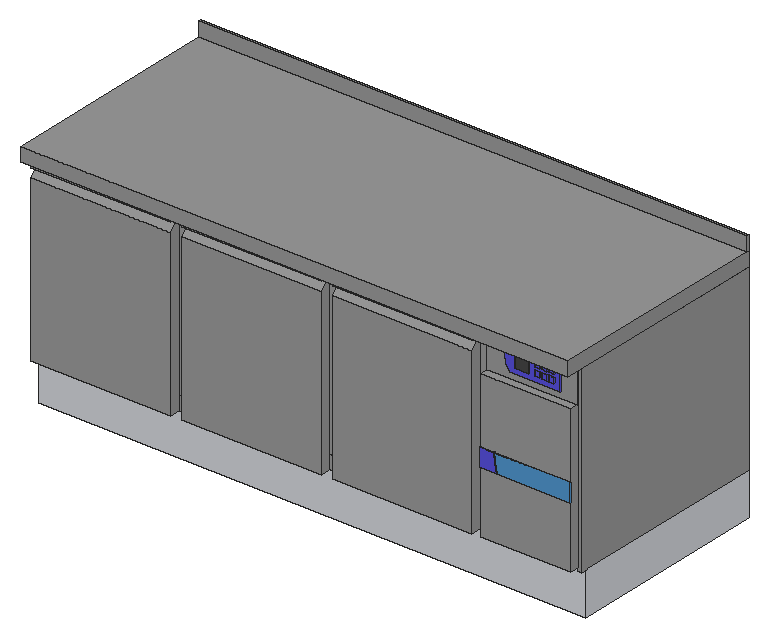
Revit family "Backwaren-Kühltische400x600 - Eigen", category Sonderausstattung, Revit 2015
Parameters (values of type "650x1945 3-türig")
  Öffnungstiefe = Korpus Tiefe - Rückwand Stärke - 100 mm  # 570 mm
  Öffnungssymbol Grundriss [instance] = yes
  Watt = 460 W
  Wand unten Stärke = 50 mm  # constant formula
  Wand oben Stärke = 50 mm  # constant formula
  Versatz bei Sockel oder Füße [instance] = if(or(Sockel, Füße), 150 mm, 0 mm)  # 150 mm
  Versatz Tür zu Seitenteil = 30 mm
  Türen Stärke = 50 mm  # constant formula
  Türen Lücke = 40 mm
  Türen Höhe = Korpus Höhe - 20 mm  # 630 mm
  Türen Breite = 495 mm
  Türen Anzahl = 3
  Türen Breite halb = Türen Breite / 2  # 247.5 mm
  Tür_3 = yes
  Tür_2 = yes
  Tür_1 = yes
  Tiefe [instance] = if(Deckplatte, Platte Tiefe, Korpus Tiefe + Türen Stärke)  # 800 mm
  Temp. Bereich = "-2°C / +10°C"
  Spannung = 230 V
  Sockelhöhe = 150 mm  # constant formula
  Sockel [instance] = yes
  Seitenwand Stärke = 50 mm  # constant formula
  Seitenteilwand Stärke = 15 mm  # constant formula
  Seitenteil Breite = 320 mm
  Scheinleistung = 0 VA
  Pole = 1
  Platte Tiefe = 800 mm  # constant formula
  Platte Stärke [instance] = if(Marmorplatte, 40 mm, 50 mm)  # 50 mm
  Pfosten Tiefe = 50 mm  # constant formula
  Rückwand Stärke = 50 mm  # constant formula
  Pfosten Breite = 100 mm  # constant formula
  Pfosten Anzahl = 2
  Pfosten Abstand = Türen Breite + (Türen Lücke / 2)  # 515 mm
  Pfosten 2 = yes
  Pfosten 1 = yes
  Material = Edelstahl AISI 304
  Marmorplatte Strg [instance] = if(and(Deckplatte, Marmorplatte), not(Marmorplatte), if(Marmorplatte, Marmorplatte, Marmorplatte))  # no
  Marmorplatte Material = none
  Marmorplatte [instance] = no
  Kältemittel = "R290"
  Kälteleistung = "380 Watt -15°C VT"
  Korpus Tiefe = Platte Tiefe - 50 mm - 30 mm  # 720 mm
  Korpus Höhe = 650 mm
  Korpus Breite = Breite - Seitenteil Breite - Seitenteilwand Stärke  # 1610 mm
  Kapazität = "3 x 10 x EN6040"
  Höhe Elektroanschluss = 150 mm
  Höhe [instance] = if(or(Deckplatte, Marmorplatte), Korpus Höhe + Versatz bei Sockel oder Füße + Platte Stärke, Korpus Höhe + Versatz bei Sockel oder Füße)  # 850 mm
  Füße Strg [instance] = and(Füße, not(Sockel))  # no
  Füße [instance] = no
  Energieverbrauch = "3,75 kWh / 24 h"
  Deckplatte [instance] = yes
  Breite = 1945 mm
  Aufkantung Stärke = 6 mm
  Aufkantung Strg [instance] = and(or(Deckplatte, Marmorplatte), Aufkantung)  # yes
  Aufkantung Höhe = 50 mm
  Aufkantung [instance] = yes
  Artnr ohne Platte = "KTM 834660"
  Artnr mit Platte und Aufkantung = "KTM 834661"
  Artnr mit Platte = "KTM 834662"
  Artikelnr. [instance] = if(and(Deckplatte, not(Aufkantung)), Artnr mit Platte, if(and(Deckplatte, Aufkantung), Artnr mit Platte und Aufkantung, Artnr ohne Platte))  # "KTM 834661"
  Abstand Logo = (Korpus Höhe - 120 mm) / 2  # 265 mm
  Abstand Display seitlich = 60 mm
Types (2, lengths in mm): name | Watt | Türen Lücke | Türen Anzahl | Tür_3 | Pfosten Anzahl | Pfosten Abstand | Pfosten 2 | Marmorplatte Material | Korpus Breite | Kapazität | Energieverbrauch | Breite | Artnr ohne Platte | Artnr mit Platte und Aufkantung | Artnr mit Platte | Artikelnr.
  650x1400 2-türig | 440 W | 30 | 2 | no | 1 | 510 | no | Marmor | 1065 | "2 x 10 x EN6040" | "3,25 kWh / 24 h" | 1400 | "KTM 824660" | "KTM 824661" | "KTM 824662" | "KTM 824661"
  650x1945 3-türig | 460 W | 40 | 3 | yes | 2 | 515 | yes | none | 1610 | "3 x 10 x EN6040" | "3,75 kWh / 24 h" | 1945 | "KTM 834660" | "KTM 834661" | "KTM 834662" | "KTM 834661"
Reference planes
  plane 1 "Mitte (Vorne/Hinten)": y = 0
  plane 2: z = 0
  plane 3 "Mitte (Links/Rechts)": x = 0
  plane 4: x = -15
  plane 5: x = -335
  plane 6: x = -385
  plane 7: x = -830
  plane 8: x = -880
  plane 9: x = -930
  plane 10: x = -1365
  plane 11: x = -1415
  plane 12: x = -1465
  plane 13: x = -1895
  plane 14 "SR": x = -1945
  plane 15: y = -50
  plane 16: y = -670
  plane 17: y = -720
  plane 18 "Korpus unten": z = 150
  plane 19: z = 200
  plane 20: z = 750
  plane 21: z = 800
  plane 22: z = 850
  plane 23: z = 900
  plane 24: z = 150
  plane 25 "Türen": z = 160
  plane 26: z = 680
  plane 27: y = -15
  plane 28: y = -800
  plane 29: x = -1930
  plane 30: x = -365
  plane 31: y = -6
  plane 32: x = -1682.5
  plane 33: x = -1147.5
  plane 34: x = -612.5
  plane 35 "Display": y = -740
  plane 36 "Logo": y = -770
  plane 37: x = -228
  plane 38: y = -120
  plane 39: z = 447.5
  plane 40: z = 382.5
  plane 41: z = 415
  plane 42: x = -860
  plane 43: x = -1395
  plane 44: x = -900
  plane 45: x = -1435
  plane 46: x = -1865
  plane 47: y = -80
  plane 48: y = -678
  plane 49: x = -373
  plane 50 "Elektro": z = 150
Forms (mm)
  Extrusion 1, solid, material "Edelstahl AISI 304" <- "Material", visible <- "Pfosten 2", detail levels fine
    sketch origin (0, 0, 0) x (1, 0, 0) y (0, 1, 0)
      loop
        line (-1465, -720) -> (-1365, -720) -> (-1365, -670) -> (-1465, -670) -> (-1465, -720)
    from 200 to 750
  Extrusion 2, solid, material "Edelstahl AISI 304" <- "Material", visible <- "Pfosten 1", detail levels fine
    sketch origin (0, 0, 0) x (1, 0, 0) y (0, 1, 0)
      loop
        line (-930, -720) -> (-830, -720) -> (-830, -670) -> (-930, -670) -> (-930, -720)
    from 200 to 750
  Extrusion 3, solid, material "Edelstahl AISI 304" <- "Material", detail levels fine
    sketch origin (0, 0, 0) x (1, 0, 0) y (0, 0, 1)
      loop
        line (-335, 150) -> (-335, 800) -> (-1945, 800) -> (-1945, 150) -> (-335, 150)
      loop
        line (-1895, 750) -> (-1895, 200) -> (-385, 200) -> (-385, 750) -> (-1895, 750)
    from 0 to 720
  Extrusion 4, solid, material "Edelstahl AISI 304" <- "Material", detail levels fine
    sketch origin (0, 0, 0) x (1, 0, 0) y (0, 0, 1)
      loop
        line (-1895, 750) -> (-1895, 200) -> (-385, 200) -> (-385, 750) -> (-1895, 750)
    from 0 to 50
  Extrusion 5, solid, material "Edelstahl AISI 304" <- "Material", visible <- "Füße Strg", detail levels medium+fine
    sketch origin (0, 0, 0) x (1, 0, 0) y (0, 1, 0)
      loop
        circle (-373, -678) r 20
      loop
        circle (-373, -80) r 20
      loop
        circle (-1865, -80) r 20
      loop
        circle (-1865, -678) r 20
    from 0 to 150
  Extrusion 6, solid, visible <- "Sockel", detail levels medium+fine
    sketch origin (0, 0, 0) x (1, 0, 0) y (0, 1, 0)
      loop
        line (-1945, 0) -> (-1945, -720) -> (0, -720) -> (0, 0) -> (-1945, 0)
    from 0 to 150
  Extrusion 7, solid, material "Edelstahl AISI 304" <- "Material", detail levels medium+fine
    sketch origin (0, 0, 0) x (1, 0, 0) y (0, 1, 0)
      loop
        line (-335, 0) -> (-335, -720) -> (-15, -720) -> (-15, 0) -> (-335, 0)
    from 150 to 800
  Extrusion 8, solid, material "Edelstahl AISI 304" <- "Material", detail levels medium+fine
    sketch origin (0, 0, 0) x (1, 0, 0) y (0, 1, 0)
      loop
        line (-15, 0) -> (-15, -740) -> (0, -740) -> (0, 0) -> (-15, 0)
    from 150 to 800
  Extrusion 9, solid, material "Edelstahl AISI 304" <- "Material", visible <- "Deckplatte", detail levels medium+fine
    sketch origin (0, 0, 0) x (1, 0, 0) y (0, 1, 0)
      loop
        line (-1945, 0) -> (-1945, -800) -> (0, -800) -> (0, 0) -> (-1945, 0)
    from 800 to 850
  Extrusion 10, solid, material "Edelstahl AISI 304" <- "Material", visible <- "Aufkantung Strg", detail levels fine
    sketch origin (0, 0, 0) x (1, 0, 0) y (0, 1, 0)
      loop
        line (-1945, 0) -> (-1945, -6) -> (0, -6) -> (0, 0) -> (-1945, 0)
    from 850 to 900
  Extrusion 11, solid, material "Edelstahl AISI 304" <- "Material", detail levels medium+fine
    sketch origin (0, 0, 0) x (1, 0, 0) y (0, 0, 1)
      loop
        line (-15, 160) -> (-15, 680) -> (-335, 680) -> (-335, 160) -> (-15, 160)
    from 720 to 770
  Extrusion 12, solid, material "Edelstahl AISI 304" <- "Material", detail levels medium+fine
    sketch origin (0, 0, 0) x (1, 0, 0) y (0, 0, 1)
      loop
        line (-335, 800) -> (-335, 680) -> (-15, 680) -> (-15, 800) -> (-335, 800)
    from 720 to 740
  Extrusion 13, solid, material "Logo Blau Dunkel", detail levels fine
    sketch origin (0, -740, 0) x (-1, 0, 0) y (0, 0, 1)
      loop
        line (275, 780) -> (75, 780) -> (75, 700) -> (255, 700)
        arc (255, 700) -> (269.844, 738.789) -> (275, 780) r 172.745
      loop
        line (235, 770) -> (185, 770) -> (185, 720) -> (235, 720) -> (235, 770)
      loop
        line (165, 770) -> (145, 770) -> (145, 750) -> (165, 750) -> (165, 770)
      loop
        line (140, 770) -> (120, 770) -> (120, 750) -> (140, 750) -> (140, 770)
      loop
        line (115, 770) -> (95, 770) -> (95, 750) -> (115, 750) -> (115, 770)
      loop
        line (165, 720) -> (165, 740) -> (145, 740) -> (145, 720) -> (165, 720)
      loop
        line (140, 720) -> (140, 740) -> (120, 740) -> (120, 720) -> (140, 720)
      loop
        line (115, 720) -> (115, 740) -> (95, 740) -> (95, 720) -> (115, 720)
    from 0 to -2
  Extrusion 14, solid, material "Logo Blau Hell", detail levels fine
    sketch origin (0, -770, 0) x (-1, 0, 0) y (0, 0, 1)
      loop
        line (285, 447.5) -> (15, 447.5) -> (15, 382.5) -> (275, 382.5)
        arc (275, 382.5) -> (282.724, 414.581) -> (285, 447.5) r 197.504
    from 0 to -2
  Extrusion 15, solid, material "Logo Blau Dunkel", detail levels fine
    sketch origin (0, -770, 0) x (-1, 0, 0) y (0, 0, 1)
      loop
        line (275, 382.5) -> (335, 382.5) -> (335, 447.5) -> (285, 447.5)
        arc (285, 447.5) -> (282.724, 414.581) -> (275, 382.5) r 197.504
    from 0 to -2
  Extrusion 16, solid, not visible
    sketch origin (0, 0, 150) x (0, -1, 0) y (1, 0, 0)
      loop
        circle (120, -228) r 20
    from 0 to 2
  Extrusion 17, solid, material "Display", detail levels fine
    sketch origin (0, -740, 0) x (-1, 0, 0) y (0, 0, 1)
      loop
        line (235, 770) -> (185, 770) -> (185, 720) -> (235, 720) -> (235, 770)
    from 0 to -2
  Extrusion 18, solid, material "Knöpfe", detail levels fine
    sketch origin (0, -740, 0) x (-1, 0, 0) y (0, 0, 1)
      loop
        line (165, 770) -> (145, 770) -> (145, 750) -> (165, 750) -> (165, 770)
      loop
        line (165, 740) -> (145, 740) -> (145, 720) -> (165, 720) -> (165, 740)
      loop
        line (140, 720) -> (140, 740) -> (120, 740) -> (120, 720) -> (140, 720)
      loop
        line (140, 750) -> (140, 770) -> (120, 770) -> (120, 750) -> (140, 750)
      loop
        line (115, 770) -> (95, 770) -> (95, 750) -> (115, 750) -> (115, 770)
      loop
        line (115, 740) -> (95, 740) -> (95, 720) -> (115, 720) -> (115, 740)
    from 0 to -3
  Extrusion 19, solid, material <- "Marmorplatte Material", visible <- "Marmorplatte Strg", detail levels medium+fine
    sketch origin (0, 0, 150) x (-1, 0, 0) y (0, -1, 0)
      loop
        line (0, 800) -> (0, 0) -> (1945, 0) -> (1945, 800) -> (0, 800)
    from 700 to 650
  Extrusion 20, solid, material "Edelstahl AISI 304" <- "Material", detail levels medium
    sketch origin (0, 0, 150) x (-1, 0, 0) y (0, -1, 0)
      loop
        line (1945, 0) -> (1945, 720) -> (335, 720) -> (335, 0) -> (1945, 0)
    from 650 to -2
  Extrusion 21, solid, material "Edelstahl AISI 304" <- "Material", detail levels coarse
    sketch origin (0, 0, 0) x (1, 0, 0) y (0, 1, 0)
      loop
        line (-1945, 0) -> (-1945, -800) -> (0, -800) -> (0, 0) -> (-1945, 0)
    from 850 to -2
Dimensions and locks
  "Rückwand Stärke": plane 15 to plane 1 "Mitte (Vorne/Hinten)"
  "Pfosten Tiefe": plane 16 to plane 17
  "Korpus Tiefe": plane 17 to plane 1 "Mitte (Vorne/Hinten)"
  "Seitenwand Stärke": plane 5 to plane 6
  "Seitenwand Stärke": plane 13 to plane 14 "SR"
  "Seitenteilwand Stärke": plane 3 "Mitte (Links/Rechts)" to plane 4
  "Seitenteil Breite": plane 4 to plane 5
  "Breite": plane 3 "Mitte (Links/Rechts)" to plane 14 "SR"
  "Wand unten Stärke": plane 19 to plane 18 "Korpus unten"
  "Aufkantung Höhe": plane 23 to plane 22
  "Platte Stärke": plane 22 to plane 21
  "Wand oben Stärke": plane 21 to plane 20
  "Korpus Höhe": plane 21 to plane 18 "Korpus unten"
  "Versatz bei Sockel oder Füße": plane 18 "Korpus unten" to level
  "Sockelhöhe": plane 24 to level
  locked: plane 25 "Türen" to plane 18 "Korpus unten" at 10
  locked: plane 21 to plane 26 at 120
  "Seitenteilwand Stärke": plane 27 to plane 1 "Mitte (Vorne/Hinten)"
  "Platte Tiefe": plane 28 to plane 1 "Mitte (Vorne/Hinten)"
  locked: plane 29 to plane 14 "SR" at 15
  "Versatz Tür zu Seitenteil": plane 5 to plane 30
  "Aufkantung Stärke": plane 31 to plane 1 "Mitte (Vorne/Hinten)"
  locked: plane 17 to plane 35 "Display" at 20
  "Türen Stärke": plane 17 to plane 36 "Logo"
  locked: plane 37 to plane 3 "Mitte (Links/Rechts)" at 228
  locked: plane 38 to plane 1 "Mitte (Vorne/Hinten)" at 120
  locked: plane 21 to Extrusion 13 sketch curve at 20
  locked: Extrusion 13 sketch curve to plane 26 at 20
  locked: Extrusion 13 sketch curve to Extrusion 13 sketch curve at 10
  locked: Extrusion 13 sketch curve to Extrusion 13 sketch curve at 20  (x3)
  locked: plane 39 to plane 40 at 65
  "Abstand Logo": plane 26 to plane 41
  locked: Extrusion 14 sketch curve to plane 5 at 50
  locked: Extrusion 14 sketch curve to plane 5 at 60
  equal spacing: plane 39, plane 41, plane 40
  plane 26 to plane 39 = 232.5 mm
  "Türen Breite halb": plane 30 to plane 34
  "Türen Lücke": plane 42 to plane 44
  "Türen Lücke": plane 43 to plane 45
  "Türen Breite halb": plane 44 to plane 33
  "Türen Breite halb": plane 45 to plane 32
  "Türen Breite": plane 30 to plane 42
  "Türen Breite": plane 44 to plane 43
  equal spacing: plane 7, plane 8, plane 9
  equal spacing: plane 10, plane 11, plane 12
  "Pfosten Breite": plane 10 to plane 12
  "Pfosten Breite": plane 7 to plane 9
  "Pfosten Abstand": plane 30 to plane 8
  "Pfosten Abstand": plane 44 to plane 11
  "Abstand Display seitlich": plane 4 to Extrusion 13 sketch curve
  locked: Extrusion 13 sketch curve to Extrusion 13 sketch curve at 200
  locked: Extrusion 13 sketch curve to Extrusion 13 sketch curve at 180
  Extrusion 13 sketch curve to Extrusion 13 sketch curve to Extrusion 13 sketch curve to Extrusion 13 sketch curve to Extrusion 13 sketch curve to Extrusion 13 sketch curve to Extrusion 13 sketch curve to Extrusion 13 sketch curve to Extrusion 13 sketch curve = 50 mm locked, 20 mm locked, 20 mm locked, 5 mm locked, 20 mm locked, 5 mm locked, 20 mm locked, 20 mm locked
  locked: plane 14 "SR" to plane 46 at 80
  locked: plane 47 to plane 1 "Mitte (Vorne/Hinten)" at 80
  locked: plane 48 to plane 17 at 42
  locked: plane 49 to plane 3 "Mitte (Links/Rechts)" at 373
  "Höhe Elektroanschluss": plane 50 "Elektro" to level
  aligned and locked: level to plane 2
  aligned and locked: plane 20 to Extrusion 2
  aligned and locked: plane 20 to Extrusion 1
  aligned and locked: Extrusion 3 to plane 17
  aligned and locked: Extrusion 2 to plane 19
  aligned and locked: Extrusion 1 to plane 19
  aligned and locked: Extrusion 4 to plane 15
  aligned and locked: plane 24 to Extrusion 5
  aligned and locked: plane 24 to Extrusion 6
  aligned and locked: plane 21 to Extrusion 7
  aligned and locked: Extrusion 7 to plane 18 "Korpus unten"
  aligned and locked: plane 21 to Extrusion 8
  aligned and locked: Extrusion 8 to plane 18 "Korpus unten"
  aligned and locked: plane 22 to Extrusion 9
  aligned and locked: Extrusion 9 to plane 21
  aligned and locked: plane 23 to Extrusion 10
  aligned and locked: Extrusion 10 to plane 22
  aligned and locked: plane 17 to Extrusion 11
  aligned and locked: plane 17 to Extrusion 12
  aligned and locked: Extrusion 12 to plane 35 "Display"
  aligned and locked: plane 35 "Display" to Extrusion 8 sketch curve
  aligned and locked: plane 4 to Extrusion 8 sketch curve
  aligned and locked: Extrusion 8 sketch curve to plane 3 "Mitte (Links/Rechts)"
  aligned and locked: plane 1 "Mitte (Vorne/Hinten)" to Extrusion 8 sketch curve
  aligned and locked: nested 3 to plane 32
  aligned and locked: plane 33 to nested 2
  aligned and locked: plane 34 to nested 1
  aligned and locked: nested 1 to plane 25 "Türen"
  aligned and locked: nested 2 to plane 25 "Türen"
  aligned and locked: nested 3 to plane 25 "Türen"
  aligned and locked: nested 3 to plane 17
  aligned and locked: nested 2 to plane 17
  aligned and locked: nested 1 to plane 17
  aligned and locked: plane 25 "Türen" to Extrusion 11 sketch curve
  aligned and locked: plane 5 to Extrusion 11 sketch curve
  aligned and locked: Extrusion 11 sketch curve to plane 4
  aligned and locked: plane 26 to Extrusion 11 sketch curve
  aligned and locked: Extrusion 10 sketch curve to plane 31
  aligned and locked: Extrusion 13 sketch curve to Extrusion 13 sketch curve  (x16)
  aligned and locked: Extrusion 14 sketch curve to plane 4
  aligned and locked: Extrusion 15 sketch curve to Extrusion 14
  aligned and locked: plane 40 to Extrusion 15 sketch curve
  aligned and locked: plane 39 to Extrusion 15 sketch curve
  aligned and locked: plane 5 to Extrusion 15 sketch curve
  aligned and locked: Extrusion 17 sketch curve to Extrusion 13  (x4)
  aligned and locked: Extrusion 18 sketch curve to Extrusion 13  (x24)
  aligned and locked: Extrusion 11 to plane 36 "Logo"
  aligned and locked: Extrusion 19 to plane 21
  aligned and locked: plane 22 to Extrusion 19
  aligned and locked: plane 14 "SR" to Extrusion 19 sketch curve
  aligned and locked: plane 22 to Extrusion 21
  aligned and locked: plane 21 to Extrusion 20
  aligned and locked: plane 17 to Extrusion 20 sketch curve
  aligned and locked: plane 14 "SR" to Extrusion 20 sketch curve
  aligned and locked: plane 1 "Mitte (Vorne/Hinten)" to Extrusion 20 sketch curve
  aligned and locked: Extrusion 20 sketch curve to plane 5
Automatic sketch dimensions
  Extrusion 9 sketch curve to plane 14 "SR" = 0 mm
  Extrusion 9 sketch curve to plane 3 "Mitte (Links/Rechts)" = 0 mm
  Extrusion 9 sketch curve to plane 28 = 0 mm
  plane 1 "Mitte (Vorne/Hinten)" to Extrusion 9 sketch curve = 0 mm
  Extrusion 10 sketch curve to plane 14 "SR" = 0 mm
  Extrusion 10 sketch curve to plane 3 "Mitte (Links/Rechts)" = 0 mm
  plane 1 "Mitte (Vorne/Hinten)" to Extrusion 10 sketch curve = 0 mm
  Extrusion 14 sketch curve to plane 40 = 0 mm
  Extrusion 14 sketch curve to plane 39 = 0 mm
  Extrusion 14 sketch curve to plane 39 = 2.887 mm
  Extrusion 1 sketch curve to plane 12 = 0 mm
  Extrusion 1 sketch curve to plane 10 = 0 mm
  Extrusion 1 sketch curve to plane 17 = 0 mm
  Extrusion 1 sketch curve to plane 16 = 0 mm
  Extrusion 2 sketch curve to plane 9 = 0 mm
  Extrusion 2 sketch curve to plane 7 = 0 mm
  Extrusion 2 sketch curve to plane 17 = 0 mm
  Extrusion 2 sketch curve to plane 16 = 0 mm
  Extrusion 3 sketch curve to plane 14 "SR" = 0 mm
  Extrusion 3 sketch curve to plane 13 = 0 mm
  Extrusion 3 sketch curve to plane 6 = 0 mm
  Extrusion 3 sketch curve to plane 5 = 0 mm
  Extrusion 3 sketch curve to plane 18 "Korpus unten" = 0 mm
  Extrusion 3 sketch curve to plane 19 = 0 mm
  Extrusion 3 sketch curve to plane 20 = 0 mm
  Extrusion 3 sketch curve to plane 21 = 0 mm
  Extrusion 4 sketch curve to plane 13 = 0 mm
  Extrusion 4 sketch curve to plane 6 = 0 mm
  Extrusion 4 sketch curve to plane 19 = 0 mm
  Extrusion 4 sketch curve to plane 20 = 0 mm
  Extrusion 6 sketch curve to plane 14 "SR" = 0 mm
  Extrusion 6 sketch curve to plane 3 "Mitte (Links/Rechts)" = 0 mm
  Extrusion 6 sketch curve to plane 17 = 0 mm
  plane 1 "Mitte (Vorne/Hinten)" to Extrusion 6 sketch curve = 0 mm
  Extrusion 7 sketch curve to plane 5 = 0 mm
  Extrusion 7 sketch curve to plane 4 = 0 mm
  Extrusion 7 sketch curve to plane 17 = 0 mm
  plane 1 "Mitte (Vorne/Hinten)" to Extrusion 7 sketch curve = 0 mm
  Extrusion 12 sketch curve to plane 5 = 0 mm
  Extrusion 12 sketch curve to plane 4 = 0 mm
  Extrusion 12 sketch curve to plane 26 = 0 mm
  Extrusion 12 sketch curve to plane 21 = 0 mm
  plane 1 "Mitte (Vorne/Hinten)" to Extrusion 19 sketch curve = 0 mm
  Extrusion 19 sketch curve to plane 3 "Mitte (Links/Rechts)" = 0 mm
  Extrusion 19 sketch curve to plane 28 = 0 mm
  Extrusion 5 sketch curve to plane 46 = 0 mm  (x2)
  plane 47 to Extrusion 5 sketch curve = 0 mm  (x2)
  Extrusion 5 sketch curve to plane 49 = 0 mm  (x2)
  Extrusion 5 sketch curve to plane 48 = 0 mm  (x2)
  Extrusion 16 sketch curve to plane 37 = 0 mm
  Extrusion 16 sketch curve to plane 38 = 0 mm
  Extrusion 21 sketch curve to plane 14 "SR" = 0 mm
  Extrusion 21 sketch curve to plane 3 "Mitte (Links/Rechts)" = 0 mm
  Extrusion 21 sketch curve to plane 28 = 0 mm
  plane 1 "Mitte (Vorne/Hinten)" to Extrusion 21 sketch curve = 0 mm
  Extrusion 13 sketch curve to Extrusion 13 sketch curve = 7.257 mm
  radius of Extrusion 5 sketch curve = 20 mm  (x4)
  radius of Extrusion 16 sketch curve = 20 mm
Nested families
  nested 1: "Türen 1" at (-612.5, -720, 160), Tür Höhe <- "Türen Höhe", Tür Breite <- "Türen Breite", visible <- "Tür_1", type "1-fach"
    with Tür Höhe 3 von 3 203 mm, Tür Höhe 2 von 3 203 mm, Tür Höhe 2 von 2 ungleich 417 mm, Tür Höhe 2 von 2 gleich 310 mm, Tür Höhe 1 von 3 203 mm, Tür Höhe 1 von 2 ungleich 203 mm, Tür Höhe 1 von 2 gleich 310 mm, Tür Höhe 630 mm, Tür Breite 495 mm, Lücke 2 10 mm, Lücke 1 10.5 mm, Öffnungstiefe 570 mm
  nested 2: "Türen 1" at (-1147.5, -720, 160), Tür Höhe <- "Türen Höhe", Tür Breite <- "Türen Breite", visible <- "Tür_2", type "1-fach"
    with Tür Höhe 3 von 3 203 mm, Tür Höhe 2 von 3 203 mm, Tür Höhe 2 von 2 ungleich 417 mm, Tür Höhe 2 von 2 gleich 310 mm, Tür Höhe 1 von 3 203 mm, Tür Höhe 1 von 2 ungleich 203 mm, Tür Höhe 1 von 2 gleich 310 mm, Tür Höhe 630 mm, Tür Breite 495 mm, Lücke 2 10 mm, Lücke 1 10.5 mm, Öffnungstiefe 570 mm
  nested 3: "Türen 1" at (-1682.5, -720, 160), Tür Höhe <- "Türen Höhe", Tür Breite <- "Türen Breite", visible <- "Tür_3", type "1-fach"
    with Tür Höhe 3 von 3 203 mm, Tür Höhe 2 von 3 203 mm, Tür Höhe 2 von 2 ungleich 417 mm, Tür Höhe 2 von 2 gleich 310 mm, Tür Höhe 1 von 3 203 mm, Tür Höhe 1 von 2 ungleich 203 mm, Tür Höhe 1 von 2 gleich 310 mm, Tür Höhe 630 mm, Tür Breite 495 mm, Lücke 2 10 mm, Lücke 1 10.5 mm, Öffnungstiefe 570 mm
Connectors
  electrical at (-228, -120, 150), driven by "Spannung", driven by "Scheinleistung", driven by "Pole"
    settings: on Extrusion 16, index 1, voltage 230 V, apparent load 0 VA, apparent load phase1 0 VA, apparent load phase2 0 VA, apparent load phase3 0 VA, power factor 1, load classification "Sonstige", number of poles 1, system type 31, power factor state 1, is connector primary yes, connector utility no, sub classification motor no, connector description ""
Definition of nested family "Türen 1"
  Parameters (values of type "1-fach")
    Öffnungstiefe = 375.348 mm
    Öffnungssymbol Grundriss = yes
    Türflügel Stärke = 35 mm
    Tür Stärke = 50 mm
    Tür Höhe 2 von 2 ungleich [instance] = Tür Höhe - Tür Höhe 1 von 2 ungleich - 10 mm  # 417 mm
    Tür Höhe 2 von 2 gleich [instance] = (Tür Höhe - Lücke 2) / 2  # 309.75 mm
    Tür Höhe 1 von 2 ungleich [instance] = (Tür Höhe - (Lücke 1 * 2)) / 3  # 203 mm
    Tür Höhe 1 von 2 gleich [instance] = (Tür Höhe - Lücke 2) / 2  # 309.75 mm
    Tür Höhe [instance] = 630 mm
    Tür Breite [instance] = 430 mm
    Tür Höhe 3 von 3 [instance] = (Tür Höhe - (Lücke 1 * 2)) / 3  # 203 mm
    Tür Höhe 2 von 3 [instance] = (Tür Höhe - (Lücke 1 * 2)) / 3  # 203 mm
    Tür Höhe 1 von 3 [instance] = (Tür Höhe - (Lücke 1 * 2)) / 3  # 203 mm
    Material = none
    Lücke 2 [instance] = 10.5 mm
    Lücke 1 [instance] = 10.5 mm
    Dichtung Stärke = Tür Stärke - Türflügel Stärke  # 15 mm
    3-fach = no
    2-fach ungleich = no
    2-fach gleich = no
    1-fach = yes
  Reference planes
    plane 1 "Mitte (Vorne/Hinten)": y = 0
    plane 2: z = 0
    plane 3 "Mitte (Links/Rechts)": x = 0
    plane 4: x = 215
    plane 5: x = -215
    plane 6: y = -50
    plane 7: y = -15
    plane 8: z = 630
    plane 9: z = 417
    plane 10: z = 427
    plane 11: z = 320.25
    plane 12: z = 309.75
    plane 13: z = 427
    plane 14: z = 416.5
    plane 15: z = 213.5
    plane 16: z = 203
    plane 17: y = -425.348
  Forms (mm)
    Extrusion 1, solid, material <- "Material", visible <- "1-fach", detail levels fine
      sketch origin (0, 0, 0) x (0, 1, 0) y (0, 0, 1)
        loop
          line (-50, 0) -> (-15, 0) -> (-15, 630) -> (-50, 630) -> (-50, 615) -> (-48, 615) -> (-48, 628) -> (-17, 628) -> (-17, 615) -> (-50, 582) -> (-50, 0)
      from -215 to 215
    Extrusion 2, solid, material <- "Material", visible <- "1-fach", detail levels medium
      sketch origin (0, 0, 0) x (1, 0, 0) y (0, 0, 1)
        loop
          line (-215, 630) -> (-215, 0) -> (215, 0) -> (215, 630) -> (-215, 630)
      from 0 to 50
  Lines and regions (mm)
    symbolic lines, visible <- "Öffnungssymbol Grundriss"
      curve 1: line (-215, -15, 0) -> (-215, -425.348, 0)
      curve 2: line (-215, -425.348, 0) -> (215, -425.348, 0)
      curve 3: line (215, -425.348, 0) -> (215, -15, 0)
      curve 4: line (0, -100.348, 0) -> (0, -375.348, 0)
      curve 5: line (0, -100.348, 0) -> (24.749, -125.096, 0)
      curve 6: line (0, -100.348, 0) -> (-24.749, -125.096, 0)
      curve 7: line (0, -375.348, 0) -> (24.749, -350.599, 0)
      curve 8: line (0, -375.348, 0) -> (-24.749, -350.599, 0)
  Dimensions and locks
    "Dichtung Stärke": plane 7 to plane 1 "Mitte (Vorne/Hinten)"
    "Tür Stärke": plane 1 "Mitte (Vorne/Hinten)" to plane 6
    "Tür Höhe": plane 8 to level
    equal spacing: plane 4, plane 3 "Mitte (Links/Rechts)", plane 5
    "Tür Breite": plane 4 to plane 5
    locked: Extrusion 1 sketch curve to plane 7 at 2
    locked: plane 6 to Extrusion 1 sketch curve at 2
    locked: plane 8 to Extrusion 1 sketch curve at 2
    locked: plane 8 to Extrusion 1 sketch curve at 15  (x2)
    "Tür Höhe 2 von 2 ungleich": plane 9 to level
    "Tür Höhe 1 von 2 ungleich": plane 8 to plane 10
    "Tür Höhe 1 von 2 gleich": plane 8 to plane 11
    "Tür Höhe 2 von 2 gleich": plane 12 to level
    "Lücke 1": plane 16 to plane 15
    "Lücke 1": plane 13 to plane 14
    "Tür Höhe 1 von 3": plane 8 to plane 13
    "Tür Höhe 3 von 3": plane 16 to level
    "Öffnungstiefe": plane 6 to plane 17
    locked: plane 6 to curve 4 at 50.348
    locked: curve 4 to plane 17 at 50
    locked: Extrusion 1 sketch curve to Extrusion 1 sketch curve (angle 135.00°)
    aligned and locked: level to plane 2
    aligned and locked: Extrusion 1 sketch curve to level
    aligned and locked: Extrusion 1 sketch curve to plane 6  (x2)
    aligned and locked: plane 7 to Extrusion 1 sketch curve
    aligned and locked: plane 8 to Extrusion 1 sketch curve
    aligned and locked: Extrusion 1 to plane 5
    aligned and locked: plane 4 to Extrusion 1
    aligned and locked: curve 4 to plane 3 "Mitte (Links/Rechts)"
    aligned and locked: Extrusion 2 to plane 6
  Automatic sketch dimensions
    curve 1 to plane 5 = 0 mm
    curve 3 to plane 4 = 0 mm
    curve 1 to plane 17 = 0 mm
    curve 1 to plane 7 = 0 mm
    curve 3 to plane 7 = 0 mm
    curve 6 to plane 3 "Mitte (Links/Rechts)" = 24.749 mm
    curve 8 to plane 3 "Mitte (Links/Rechts)" = 24.749 mm
    plane 3 "Mitte (Links/Rechts)" to curve 5 = 24.749 mm
    plane 3 "Mitte (Links/Rechts)" to curve 7 = 24.749 mm
    curve 4 to curve 8 = 24.749 mm
    curve 6 to curve 4 = 24.749 mm
    Extrusion 2 sketch curve to level = 0 mm
    Extrusion 2 sketch curve to plane 5 = 0 mm
    Extrusion 2 sketch curve to plane 4 = 0 mm
    Extrusion 2 sketch curve to plane 8 = 0 mm
